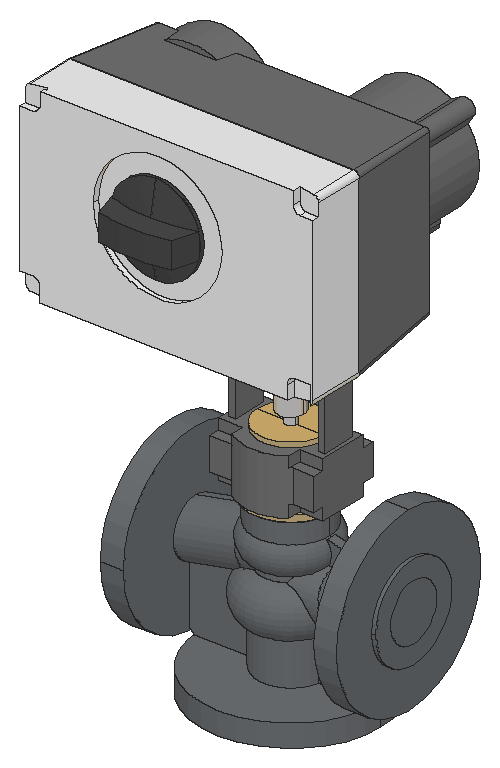
Revit family "VF3_DN15-DN100_AMV(E) 438 SU_RFA_2", category Pipe Accessories, Revit 2019 (continued)
Definition of nested family "Schematic_3-Way Valve_Flange"
  Lines and regions (mm)
    model lines
      curve 2: line (142.5, 0, 55) -> (142.5, 0, -55)
      curve 3: line (0, 0, 0) -> (-55, 0, -134.187)
      curve 4: line (0, 0, 0) -> (55, 0, -134.187)
      curve 5: line (55, 0, -134.187) -> (-55, 0, -134.187)
      curve 6: line (0, 0, 0) -> (124.687, 0, 55)
      curve 7: line (124.687, 0, 55) -> (124.687, 0, -55)
      curve 8: line (124.687, 0, -55) -> (0, 0, 0)
      curve 9: line (0, 0, 0) -> (-124.687, 0, 55)
      curve 10: line (-124.687, 0, 55) -> (-124.687, 0, -55)
      curve 11: line (-124.687, 0, -55) -> (0, 0, 0)
      curve 23: line (0, 0, 120) -> (0, 0, 0)
      curve 24: line (-47.5, 0, 120) -> (47.5, 0, 120)
      curve 25: line (-47.5, 0, 215) -> (-47.5, 0, 120)
      curve 26: line (47.5, 0, 215) -> (-47.5, 0, 215)
      curve 27: line (47.5, 0, 120) -> (47.5, 0, 215)
      curve 28: line (-55, 0, -152) -> (55, 0, -152)
    symbolic lines
      curve 12: line (0, 0, 0) -> (124.687, 55, 0)
      curve 13: line (124.687, 55, 0) -> (124.687, -55, 0)
      curve 14: line (124.687, -55, 0) -> (0, 0, 0)
      curve 15: line (0, 0, 0) -> (-124.688, 55, 0)
      curve 16: line (-124.688, 55, 0) -> (-124.688, -55, 0)
      curve 17: line (-124.688, -55, 0) -> (0, 0, 0)
      curve 18: line (-142.5, 55, 0) -> (-142.5, -55, 0)
      curve 19: line (142.5, 55, 0) -> (142.5, -55, 0)
      curve 20: line (0, 0, 0) -> (55, -134.188, 0)
      curve 21: line (55, -134.188, 0) -> (-55, -134.188, 0)
      curve 22: line (0, 0, 0) -> (-55, -134.188, 0)
      curve 29: line (-55, -152, 0) -> (55, -152, 0)
      curve 30: line (-47.5, 120, 0) -> (47.5, 120, 0)
      curve 31: line (-47.5, 215, 0) -> (-47.5, 120, 0)
      curve 32: line (47.5, 215, 0) -> (-47.5, 215, 0)
      curve 33: line (47.5, 120, 0) -> (47.5, 215, 0)
      curve 34: line (0, 0, 0) -> (0, 120, 0)
  Dimensions and locks
    "L": plane 6 to plane 7
    equal spacing: plane 6, plane 3 "Center (Left/Right)", plane 7
    "D1": plane 4 to plane 5
    equal spacing: plane 4, level, plane 5
    "L1": plane 8 to plane 7
    "L1": plane 6 to plane 9
    "D1": plane 10 to plane 11
    equal spacing: plane 10, plane 3 "Center (Left/Right)", plane 11
    plane 11 to plane 10 = 110 mm
    equal spacing: plane 11, plane 3 "Center (Left/Right)", plane 10
    "D1": plane 15 to plane 14
    equal spacing: plane 15, plane 1 "Center (Front/Back)", plane 14
    "L_1": plane 17 to plane 16
    "H": plane 16 to level
    "L_1": plane 18 to plane 19
    equal spacing: plane 18, plane 3 "Center (Left/Right)", plane 19
    "L1": plane 12 to plane 20
    "H1": level to plane 20
    "H1": plane 21 to plane 1 "Center (Front/Back)"
    "L1": plane 21 to plane 13
    "H": plane 1 "Center (Front/Back)" to plane 22
    "L_1": plane 22 to plane 23
    equal spacing: plane 19, plane 3 "Center (Left/Right)", plane 18
    plane 19 to plane 18 = 95 mm
    aligned and locked: level to plane 2
    aligned and locked: plane 5 to curve 1
    aligned and locked: plane 4 to curve 1
    aligned and locked: plane 4 to curve 2
    aligned and locked: plane 5 to curve 2
    aligned and locked: plane 12 to curve 5
    aligned and locked: curve 7 to plane 9
    aligned and locked: curve 10 to plane 8
    aligned and locked: level to curve 23
    aligned and locked: curve 24 to plane 16
    aligned and locked: plane 19 to curve 25
    aligned and locked: curve 27 to plane 18
    aligned and locked: curve 28 to plane 20
    aligned and locked: plane 11 to curve 28
    aligned and locked: plane 10 to curve 28
    aligned and locked: plane 16 to curve 23
    aligned and locked: plane 22 to curve 34
  Automatic sketch dimensions
    curve 1 to plane 7 = 0 mm
    curve 5 to plane 11 = 0 mm
    curve 4 to plane 3 "Center (Left/Right)" = 0 mm
    curve 4 to plane 10 = 0 mm
    curve 2 to plane 6 = 0 mm
    curve 10 to plane 5 = 0 mm
    curve 8 to plane 5 = 0 mm
    curve 9 to plane 4 = 0 mm
    curve 6 to plane 4 = 0 mm
    curve 27 to plane 17 = 0 mm
    curve 18 to plane 7 = 0 mm
    curve 16 to plane 8 = 0 mm
    curve 22 to plane 11 = 0 mm
    curve 29 to plane 11 = 0 mm
    curve 32 to plane 19 = 0 mm
    plane 1 "Center (Front/Back)" to curve 15 = 0 mm
    curve 15 to plane 3 "Center (Left/Right)" = 0 mm
    curve 33 to plane 18 = 0 mm
    curve 29 to plane 10 = 0 mm
    curve 21 to plane 10 = 0 mm
    curve 13 to plane 9 = 0 mm
    curve 19 to plane 6 = 0 mm
    plane 21 to curve 29 = 0 mm
    plane 13 to curve 21 = 0 mm
    plane 15 to curve 16 = 0 mm
    plane 15 to curve 18 = 0 mm
    plane 15 to curve 14 = 0 mm
    plane 15 to curve 19 = 0 mm
    plane 14 to curve 19 = 0 mm
    plane 14 to curve 18 = 0 mm
    plane 14 to curve 16 = 0 mm
    plane 14 to curve 13 = 0 mm
    plane 23 to curve 33 = 0 mm
Types (13, lengths in mm): name | l_Top | W | TL | Power | L_EXT | L | HR | Weight | W2D | W2 | W1 | V_SMALL | V_DN100 | Stroke | R_arc | R_Top | R6_2 | R6 | R_Flow Pipe | R_Flange Bottom | R2_Revolve | R2 | R1_Revolve | R1_2 | R1_1_1 | R1_1 | R1 | Offset Flow Pipe_1 | Offset Flow Pipe_2 | N2 | Model Type | Model | M | L_S | L2 | Kvs | HR1 | TH1 | HH1 | HE1 | HE | HB3 | HB1__ve | HB1 | H1 | H | Flange Bottom Depth | EXT3 | D_Connection End | D_Flange | Extrusion Top 2 | Extrusion Top | Extrusion Bottom | EXT2 | R_Vertical Valve | DN15 to DN50 | DN | D | C__ve | C2_ve | Depth_Flange | C | HH2 | Adapter assembly | A_Flow Pipe | A2 | A3 | A1_Flow Pipe | A1 | 082H0121
  VF3_DN20_Kv6.3_065Z0256 | 3 | 137.6 | 150 | 12 VA | 85 | 150 | 28 | 3.55 kg | 14 | 20 | 18 | yes | no | "10 mm" | 35 | 12.5 | 31 | 29 | 17 | 52.5 | 8 | 11 | 10 | 12.5 | 19.5 | 20 | 23 | 6 | 6.47 | 5 | "VF3_DN20_Kv6.3" | "065Z0256" | 3 | 48 | 75 | 6.3 m³/h | 25 | 97.3 | 87.3 | 57 | 0 | 2.5 | -40 | 40 | 33.5 | 436.2 | 13.5 | 18 | 60 | 105 | 8 | 27 | 55 | -54 | 18 | yes | 20 | 20 | -2.5 | -13.5 | 13.5 | 2.5 | 70 | 1.5 | 165.00° | 47.1206° | 15.00° | 168.00° | 3 | AMV(E) 438 SU_RFA : AME 438 SU_24V_082H0121
  VF3_DN25_Kv10_065Z0257 | 3 | 137.6 | 160 | 12 VA | 90 | 160 | 31 | 4.54 kg | 15 | 20 | 18 | yes | no | "10 mm" | 36 | 12.5 | 36 | 34 | 19 | 57.5 | 9 | 11 | 11.5 | 12.5 | 20.5 | 21 | 25 | 9 | 6.47 | 5 | "VF3_DN25_Kv10" | "065Z0257" | 3 | 48 | 80 | 10.0 m³/h | 25 | 101 | 91 | 60 | 0 | 2.5 | -40 | 40 | 37 | 296.7 | 14.5 | 15 | 70 | 115 | 5 | 25 | 62 | -58 | 20 | yes | 25 | 25 | -2.5 | -13.5 | 13.5 | 2.5 | 75 | 1.5 | 165.00° | 47.1206° | 10.00° | 166.00° | 5 | AMV(E) 438 SU_RFA : AME 438 SU_24V_082H0121
  VF3_DN32_Kv16_065Z0258 | 3 | 137.6 | 180 | 12 VA | 100 | 180 | 31 | 6.90 kg | 15 | 26 | 22 | yes | no | "15 mm" | 41 | 12.5 | 42 | 39 | 24 | 70 | 13.5 | 13 | 17 | 24 | 23.5 | 24 | 29 | 7 | 9 | 5 | "VF3_DN32_Kv16" | "065Z0258" | 3 | 48 | 90 | 16.0 m³/h | 33 | 105.5 | 95.5 | 65 | 0.3 | 2.5 | -40 | 40 | 41.5 | 436.2 | 15.5 | 20 | 80 | 140 | 10 | 35 | 72.5 | -62 | 25 | yes | 32 | 32 | -2.5 | -15.8 | 15.8 | 2.5 | 80 | 1 | 168.00° | 47.1206° | 16.00° | 170.00° | 3 | AMV(E) 438 SU_RFA : AME 438 SU_24V_082H0121
  VF3_DN40_Kv25_065Z0259 | 3 | 150 | 200 | 12 VA | 120 | 200 | 40 | 9.05 kg | 15 | 31 | 23 | yes | no | "15 mm" | 50 | 12.5 | 46.5 | 44 | 27.5 | 75 | 23 | 11 | 25 | 18 | 28.5 | 29 | 36 | 10 | 10 | 12 | "VF3_DN40_Kv25" | "065Z0259" | 3 | 48 | 100 | 25.0 m³/h | 42 | 134 | 124 | 93.5 | 5.7 | 2.5 | -40 | 40 | 65 | 344.4 | 16 | 30 | 90 | 150 | 10 | 37 | 74 | -71.5 | 29 | yes | 40 | 40 | -2.5 | -15.8 | 15.8 | 2.5 | 90 | 0.5 | 166.00° | 47.1206° | 15.00° | 165.00° | 3 | AMV(E) 438 SU_RFA : AME 438 SU_24V_082H0121
  VF3_DN50_Kv40_065Z0260 | 3 | 165 | 230 | 12 VA | 150 | 230 | 46 | 12.79 kg | 15 | 34 | 32 | yes | no | "15 mm" | 59 | 12.5 | 54 | 51 | 30 | 82.5 | 28 | 11 | 33 | 20.5 | 34.5 | 35 | 43.5 | 8 | 15 | 21 | "VF3_DN50_Kv40" | "065Z0260" | 3 | 65 | 115 | 40.0 m³/h | 55 | 146.5 | 136.5 | 106 | 6.3 | 3.5 | -40 | 40 | 77 | 436.2 | 16 | 30 | 105 | 165 | 10 | 50 | 82.5 | -80 | 37 | yes | 50 | 50 | -3.5 | -15.8 | 15.8 | 3.5 | 100 | 0.5 | 168.00° | 47.12° | 20.00° | 165.00° | 1 | AMV(E) 438 SU_RFA : AME 438 SU_24V_082H0121
  VF3_DN65_Kv63_065Z0261 | 3 | 185 | 290 | 12 VA | 185 | 290 | 58 | 19.18 kg | 15 | 48 | 35 | yes | no | "20 mm" | 76 | 12.5 | 66 | 61 | 41 | 92.5 | 39 | 11 | 48 | 27 | 49.5 | 50 | 55 | 16 | 25 | 27 | "VF3_DN65_Kv63" | "065Z0261" | 3 | 97 | 145 | 63.0 m³/h | 70 | 158 | 148 | 112 | 7 | 5 | -45 | 45 | 84 | 398.7 | 19.5 | 41 | 105 | 185 | 20 | 65 | 100 | -97 | 45 | no | 65 | 65 | -3.5 | -18 | 18 | 3.5 | 120 | 4.5 | 165.00° | 30.00° | 20.00° | 165.00° | 70 | AMV(E) 438 SU_RFA : AME 438 SU_24V_082H0121
  VF3_DN80_Kv100_065Z0262 | 3 | 200 | 316 | 12 VA | 200 | 316 | 68 | 23.73 kg | 15 | 55 | 40 | yes | no | "20 mm" | 94 | 12.5 | 69 | 64 | 44 | 100 | 50 | 100 | 63 | 27 | 55 | 55.5 | 62.5 | 25 | 21 | 25 | "VF3_DN80_Kv100" | "065Z0262" | 3 | 95 | 158 | 100.0 m³/h | 70 | 174 | 164 | 128 | 6.5 | 3.5 | -50 | 50 | 100 | 436.2 | 19.5 | 50 | 130 | 200 | 20 | 83 | 132 | -130 | 55 | no | 80 | 80 | -5.5 | -19 | 19 | 5.5 | 155 | 5 | 169.00° | 41.00° | 25.00° | 165.00° | 95 | AMV(E) 438 SU_RFA : AME 438 SU_24V_082H0121
  VF3_DN15_Kv2.5_065Z0254 | 3 | 137.6 | 130 | 12 VA | 80 | 130 | 27 | 2.61 kg | 15 | 16 | 17 | yes | no | "10 mm" | 30 | 12.5 | 26 | 22.5 | 15 | 48 | 6 | 11 | 9 | 12.5 | 15.5 | 16 | 20.5 | 7 | 6.47 | 5 | "VF3_DN15_Kv2.5" | "065Z0254" | 2 | 48 | 65 | 2.5 m³/h | 23 | 95 | 85 | 54 | 0 | 2.5 | -40 | 40 | 31 | 436.2 | 12 | 20 | 50 | 95 | 5 | 21 | 48.5 | -50 | 18 | yes | 15 | 15 | -2.5 | -12 | 12 | 2.5 | 63 | 1.5 | 166.00° | 47.1206° | 13.00° | 168.00° | 3 | AMV(E) 438 SU_RFA : AME 438 SU_24V_082H0121
  VF3_DN100_Kv145_065B1685 | 6 | 220 | 350 | 12 VA | 19 | 350 | 48.769 | 34.00 kg | 15 | 35 | 40 | no | yes | "30 mm" | 94 | 17.8 | 85 | 78 | 45 | 110 | 38 | 100 | 44 | 17 | 35 | 59 | 62.5 | 25 | 33 | 25 | "VF3_DN100_Kv145" | "065B1685" | 3 | 95 | 175 | 145.0 m³/h | 75 | 141.5 | 131.5 | 120.2 | 0 | 3.5 | -50 | 50 | 78 | 436.2 | 21 | 0 | 164 | 220 | 20 | 67 | 152 | -155 | 70 | no | 100 | 100 | -3.5 | -19 | 19 | 3.5 | 175 | 0 | 166.00° | 44.00° | 0.00° | 165.00° | 43 | AMV(E) 438 SU_RFA : AME 438 SU_24V_082H0121
  VF3_DN15_Kv4.0_065Z0255 | 3 | 137.6 | 130 | 12 VA | 80 | 130 | 27 | 2.61 kg | 15 | 16 | 17 | yes | no | "10 mm" | 30 | 12.5 | 26 | 22.5 | 15 | 48 | 6 | 11 | 9 | 12.5 | 15.5 | 16 | 20.5 | 7 | 6.47 | 5 | "VF3_DN15_Kv4.0" | "065Z0255" | 2 | 48 | 65 | 4.0 m³/h | 23 | 95 | 85 | 54 | 0 | 2.5 | -40 | 40 | 31 | 436.2 | 12 | 20 | 50 | 95 | 5 | 21 | 48.5 | -50 | 18 | yes | 15 | 15 | -2.5 | -12 | 12 | 2.5 | 63 | 1.5 | 166.00° | 47.1206° | 13.00° | 168.00° | 3 | AMV(E) 438 SU_RFA : AME 438 SU_24V_082H0121
  VF3_DN15_Kv1.6_065Z0253 | 3 | 137.6 | 130 | 12 VA | 80 | 130 | 27 | 2.61 kg | 15 | 16 | 17 | yes | no | "10 mm" | 30 | 12.5 | 26 | 22.5 | 15 | 48 | 6 | 11 | 9 | 12.5 | 15.5 | 16 | 20.5 | 7 | 6.47 | 5 | "VF3_DN15_Kv1.6" | "065Z0253" | 2 | 48 | 65 | 1.6 m³/h | 23 | 95 | 85 | 54 | 0 | 2.5 | -40 | 40 | 31 | 436.2 | 12 | 20 | 50 | 95 | 5 | 21 | 48.5 | -50 | 18 | yes | 15 | 15 | -2.5 | -12 | 12 | 2.5 | 63 | 1.5 | 166.00° | 47.1206° | 13.00° | 168.00° | 3 | AMV(E) 438 SU_RFA : AME 438 SU_24V_082H0121
  VF3_DN15_Kv1.0_065Z0252 | 3 | 137.6 | 130 | 12 VA | 80 | 130 | 27 | 2.61 kg | 15 | 16 | 17 | yes | no | "10 mm" | 30 | 12.5 | 26 | 22.5 | 15 | 48 | 6 | 11 | 9 | 12.5 | 15.5 | 16 | 20.5 | 7 | 6.47 | 5 | "VF3_DN15_Kv1.0" | "065Z0252" | 2 | 48 | 65 | 1.0 m³/h | 23 | 95 | 85 | 54 | 0 | 2.5 | -40 | 40 | 31 | 436.2 | 12 | 20 | 50 | 95 | 5 | 21 | 48.5 | -50 | 18 | yes | 15 | 15 | -2.5 | -12 | 12 | 2.5 | 63 | 1.5 | 166.00° | 47.1206° | 13.00° | 168.00° | 3 | AMV(E) 438 SU_RFA : AME 438 SU_24V_082H0121
  VF3_DN15_Kv0.63_065Z0251 | 3 | 137.6 | 130 | 14 VA | 80 | 130 | 27 | 2.61 kg | 15 | 16 | 17 | yes | no | "10 mm" | 30 | 12.5 | 26 | 22.5 | 15 | 48 | 6 | 11 | 9 | 12.5 | 15.5 | 16 | 20.5 | 7 | 6.47 | 5 | "VF3_DN15_Kv0.63" | "065Z0251" | 2 | 48 | 65 | 0.63 m³/h | 23 | 95 | 85 | 54 | 0 | 2.5 | -40 | 40 | 31 | 278.7 | 12 | 20 | 50 | 95 | 5 | 21 | 48.5 | -50 | 18 | yes | 15 | 15 | -2.5 | -12 | 12 | 2.5 | 63 | 1.5 | 166.00° | 47.1206° | 13.00° | 168.00° | 3 | AMV(E) 438 SU_RFA : AMV 438 SU_24V_082H0122
